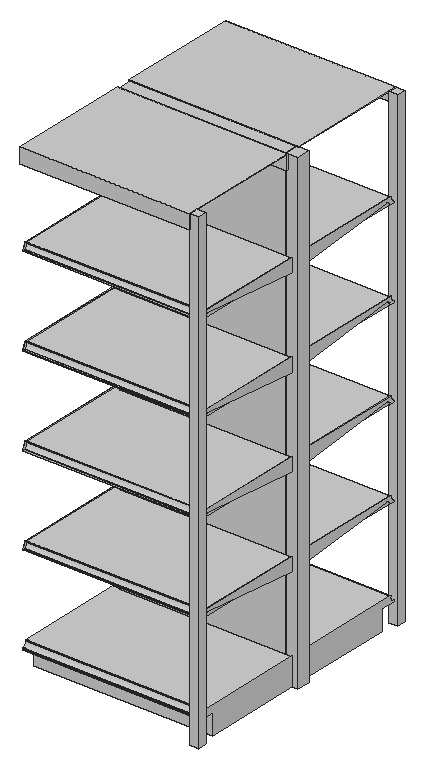
Revit family "HM2", category Specialty Equipment, Revit 2012
Parameters (values of type "Hyper Maxi Add-On (Default)")
  Width = 3' - 0"
  URL = "http://madixinc.com/display/maxiline.html"
  Model = "Hyper Maxi"
  Manufacturer = "© 2012 Madix, Inc. All rights reserved."
  "Front" Base Shelf [instance] = yes
  "Front" Shelf 2' [instance] = yes
  "Front" Shelf 3' - 6" [instance] = yes
  "Front" Shelf 5' [instance] = yes
  "Front" Shelf 6' - 6" [instance] = yes
  "Back" Base Shelf [instance] = yes
  "Back" Shelf 2' [instance] = yes
  "Back" Shelf 3' - 6" [instance] = yes
  "Front" Shelf Depth = 1' - 10"
  "Back" Shelf 5' [instance] = yes
  "Back" Shelf Depth = 1' - 10"
  Upright Height = 8' - 0"
  "Back" Shelf 6' - 6" [instance] = yes
Reference planes (in)
  plane 1 "Center (Front/Back)": y = 0
  plane 2: z = 0
  plane 3 "Center (Left/Right)": x = 0
  plane 4: y = 1.375
  plane 5: y = -1.375
  plane 6: z = 96
  plane 7: z = 0
  plane 8 "1st shelf": z = 23.5
  plane 9 "2nd shelf": z = 41.5
  plane 10 "3rd shelf": z = 59.5
  plane 11 "4th shelf": z = 77.5
  plane 12: y = -24.25
  plane 13: x = -18
  plane 14: x = 18
  plane 15: x = -17.875
  plane 16: x = 17.875
  plane 17: z = 41.5
  plane 18: y = 24.25
  plane 19: y = 23.375
  plane 20: y = -23.375
Forms (in)
  Extrusion 1, solid, material "Metal - Steel"
    sketch origin (-24, 1.375, 0) x (1, 0, 0) y (0, 0, 1)
      loop
        line (7.2815, 0) -> (42, 0) -> (43.25, 0) -> (43.25, 96) -> (40.75, 96) -> (40.75, 0.03125) -> (40.71924, 0.03125) -> (40.71924, 96) -> (7.2815, 96) -> (7.2815, 0)
    from 0 to 2.75
  Extrusion 2, solid, material "Metal - Steel", visible <- ""Front" Base Shelf"
    sketch origin (0, 0, 0) x (0, 1, 0) y (0, 0, 1)
      loop
        line (-1.375, 0) -> (-1.375, 5.5) -> (-23.375, 5.5) -> (-23.50139, 5.5) -> (-23.50139, 5.375) -> (-23.375, 5.375)
        arc (-23.375, 5.375) -> (-23.63696, 4.73714) -> (-24.125, 4.25) r 1.75
        line (-24.125, 4.25) -> (-24.125, 4.375) -> (-24.25, 4.375) -> (-24.25, 4.25) -> (-24.25, 4.125) -> (-21.375, 4.125) -> (-21.375, 0) -> (-1.375, 0)
    from -18 to 18
  Extrusion 3, solid, material "Metal - Steel", visible <- ""Front" Shelf 2'"
    sketch origin (0, 0, 0) x (0, 1, 0) y (0, 0, 1)
      loop
        line (-1.375, 23.5) -> (-23.5, 23.5) -> (-23.625, 23.5)
        arc (-23.625, 23.5) -> (-23.83033, 22.87796) -> (-24.25, 22.375) r 1.75
        line (-24.25, 22.375) -> (-24.25, 22.125) -> (-23.375, 22.125) -> (-23.375, 22.375) -> (-22.625, 23) -> (-22.375, 23) -> (-22.375, 22.875) -> (-1.375, 20.75) -> (-1.375, 23.5)
      loop
        circle (-20.375, 23) r 0.125
      loop
        circle (-2.5, 23) r 0.125
    from -18 to -17.875
  Extrusion 4, solid, material "Metal - Steel", visible <- ""Front" Shelf 2'"
    sketch origin (0, 0, 0) x (0, 1, 0) y (0, 0, 1)
      loop
        line (-23.5, 23.5) -> (-23.5, 23.375) -> (-23.375, 23.375)
        arc (-23.375, 23.375) -> (-23.58033, 22.75296) -> (-24, 22.25) r 1.75
        line (-24, 22.25) -> (-24, 22.375) -> (-24.125, 22.375) -> (-24.125, 22.125) -> (-23.375, 22.125) -> (-1.375, 22.125) -> (-1.375, 23.5) -> (-23.5, 23.5)
    from -17.875 to 17.875
  Extrusion 5, solid, material "Metal - Steel", visible <- ""Front" Shelf 2'"
    sketch origin (0, 0, 0) x (0, 1, 0) y (0, 0, -1)
      loop
        line (-1.375, -23.5) -> (-1.375, -20.75) -> (-22.375, -22.875) -> (-22.375, -23) -> (-22.625, -23) -> (-23.375, -22.375) -> (-23.375, -22.125) -> (-24.25, -22.125) -> (-24.25, -22.375)
        arc (-24.25, -22.375) -> (-23.83033, -22.87796) -> (-23.625, -23.5) r 1.75
        line (-23.625, -23.5) -> (-23.5, -23.5) -> (-1.375, -23.5)
      loop
        circle (-20.375, -23) r 0.125
      loop
        circle (-2.5, -23) r 0.125
    from -18 to -17.875
  Extrusion 6, solid, material "Metal - Steel", visible <- ""Front" Shelf 3' - 6""
    sketch origin (0, 0, 18) x (0, 1, 0) y (0, 0, 1)
      loop
        line (-1.375, 23.5) -> (-23.5, 23.5) -> (-23.625, 23.5)
        arc (-23.625, 23.5) -> (-23.83033, 22.87796) -> (-24.25, 22.375) r 1.75
        line (-24.25, 22.375) -> (-24.25, 22.125) -> (-23.375, 22.125) -> (-23.375, 22.375) -> (-22.625, 23) -> (-22.375, 23) -> (-22.375, 22.875) -> (-1.375, 20.75) -> (-1.375, 23.5)
      loop
        circle (-20.375, 23) r 0.125
      loop
        circle (-2.5, 23) r 0.125
    from -18 to -17.875
  Extrusion 7, solid, material "Metal - Steel", visible <- ""Front" Shelf 3' - 6""
    sketch origin (0, 0, 18) x (0, 1, 0) y (0, 0, 1)
      loop
        line (-23.5, 23.5) -> (-23.5, 23.375) -> (-23.375, 23.375)
        arc (-23.375, 23.375) -> (-23.58033, 22.75296) -> (-24, 22.25) r 1.75
        line (-24, 22.25) -> (-24, 22.375) -> (-24.25, 22.375) -> (-24.25, 22.125) -> (-23.375, 22.125) -> (-1.375, 22.125) -> (-1.375, 23.5) -> (-23.5, 23.5)
    from -17.875 to 17.875
  Extrusion 8, solid, material "Metal - Steel", visible <- ""Front" Shelf 3' - 6""
    sketch origin (0, 0, 18) x (0, 1, 0) y (0, 0, -1)
      loop
        line (-1.375, -23.5) -> (-1.375, -20.75) -> (-22.375, -22.875) -> (-22.375, -23) -> (-22.625, -23) -> (-23.375, -22.375) -> (-23.375, -22.125) -> (-24.25, -22.125) -> (-24.25, -22.375)
        arc (-24.25, -22.375) -> (-23.83033, -22.87796) -> (-23.625, -23.5) r 1.75
        line (-23.625, -23.5) -> (-23.5, -23.5) -> (-1.375, -23.5)
      loop
        circle (-20.375, -23) r 0.125
      loop
        circle (-2.5, -23) r 0.125
    from -18 to -17.875
  Extrusion 9, solid, material "Metal - Steel", visible <- ""Front" Shelf 5'"
    sketch origin (0, 0, 36) x (0, 1, 0) y (0, 0, 1)
      loop
        line (-1.375, 23.5) -> (-23.5, 23.5) -> (-23.625, 23.5)
        arc (-23.625, 23.5) -> (-23.83033, 22.87796) -> (-24.25, 22.375) r 1.75
        line (-24.25, 22.375) -> (-24.25, 22.125) -> (-23.375, 22.125) -> (-23.375, 22.375) -> (-22.625, 23) -> (-22.375, 23) -> (-22.375, 22.875) -> (-1.375, 20.75) -> (-1.375, 23.5)
      loop
        circle (-20.375, 23) r 0.125
      loop
        circle (-2.5, 23) r 0.125
    from -18 to -17.875
  Extrusion 10, solid, material "Metal - Steel", visible <- ""Front" Shelf 5'"
    sketch origin (0, 0, 36) x (0, 1, 0) y (0, 0, 1)
      loop
        line (-23.5, 23.5) -> (-23.5, 23.375) -> (-23.375, 23.375)
        arc (-23.375, 23.375) -> (-23.58033, 22.75296) -> (-24, 22.25) r 1.75
        line (-24, 22.25) -> (-24, 22.375) -> (-24.25, 22.375) -> (-24.25, 22.125) -> (-23.375, 22.125) -> (-1.375, 22.125) -> (-1.375, 23.5) -> (-23.5, 23.5)
    from -17.875 to 17.875
  Extrusion 11, solid, material "Metal - Steel", visible <- ""Front" Shelf 5'"
    sketch origin (0, 0, 36) x (0, 1, 0) y (0, 0, -1)
      loop
        line (-1.375, -23.5) -> (-1.375, -20.75) -> (-22.375, -22.875) -> (-22.375, -23) -> (-22.625, -23) -> (-23.375, -22.375) -> (-23.375, -22.125) -> (-24.25, -22.125) -> (-24.25, -22.375)
        arc (-24.25, -22.375) -> (-23.83033, -22.87796) -> (-23.625, -23.5) r 1.75
        line (-23.625, -23.5) -> (-23.5, -23.5) -> (-1.375, -23.5)
      loop
        circle (-20.375, -23) r 0.125
      loop
        circle (-2.5, -23) r 0.125
    from -18 to -17.875
  Extrusion 12, solid, material "Metal - Steel", visible <- ""Front" Shelf 6' - 6""
    sketch origin (0, 0, 54) x (0, 1, 0) y (0, 0, 1)
      loop
        line (-1.375, 23.5) -> (-23.5, 23.5) -> (-23.625, 23.5)
        arc (-23.625, 23.5) -> (-23.83033, 22.87796) -> (-24.25, 22.375) r 1.75
        line (-24.25, 22.375) -> (-24.25, 22.125) -> (-23.375, 22.125) -> (-23.375, 22.375) -> (-22.625, 23) -> (-22.375, 23) -> (-22.375, 22.875) -> (-1.375, 20.75) -> (-1.375, 23.5)
      loop
        circle (-20.375, 23) r 0.125
      loop
        circle (-2.5, 23) r 0.125
    from -18 to -17.875
  Extrusion 13, solid, material "Metal - Steel", visible <- ""Front" Shelf 6' - 6""
    sketch origin (0, 0, 54) x (0, 1, 0) y (0, 0, 1)
      loop
        line (-23.5, 23.5) -> (-23.5, 23.375) -> (-23.375, 23.375)
        arc (-23.375, 23.375) -> (-23.58033, 22.75296) -> (-24, 22.25) r 1.75
        line (-24, 22.25) -> (-24, 22.375) -> (-24.25, 22.375) -> (-24.25, 22.125) -> (-23.375, 22.125) -> (-1.375, 22.125) -> (-1.375, 23.5) -> (-23.5, 23.5)
    from -17.875 to 17.875
  Extrusion 14, solid, material "Metal - Steel", visible <- ""Front" Shelf 6' - 6""
    sketch origin (0, 0, 54) x (0, 1, 0) y (0, 0, -1)
      loop
        line (-1.375, -23.5) -> (-1.375, -20.75) -> (-22.375, -22.875) -> (-22.375, -23) -> (-22.625, -23) -> (-23.375, -22.375) -> (-23.375, -22.125) -> (-24.25, -22.125) -> (-24.25, -22.375)
        arc (-24.25, -22.375) -> (-23.83033, -22.87796) -> (-23.625, -23.5) r 1.75
        line (-23.625, -23.5) -> (-23.5, -23.5) -> (-1.375, -23.5)
      loop
        circle (-20.375, -23) r 0.125
      loop
        circle (-2.5, -23) r 0.125
    from -18 to -17.875
  Extrusion 15, solid, material "Metal - Steel", visible <- ""Back" Base Shelf"
    sketch origin (0, 0, 0) x (0, -1, 0) y (0, 0, -1)
      loop
        line (-1.375, 0) -> (-21.375, 0) -> (-21.375, -4.125) -> (-24.25, -4.125) -> (-24.25, -4.25) -> (-24.25, -4.375) -> (-24.125, -4.375) -> (-24.125, -4.25)
        arc (-24.125, -4.25) -> (-23.63696, -4.73714) -> (-23.375, -5.375) r 1.75
        line (-23.375, -5.375) -> (-23.50139, -5.375) -> (-23.50139, -5.5) -> (-23.375, -5.5) -> (-1.375, -5.5) -> (-1.375, 0)
    from -18 to 18
  Extrusion 16, solid, material "Metal - Steel", visible <- ""Back" Shelf 2'"
    sketch origin (0, 0, 0) x (0, -1, 0) y (0, 0, -1)
      loop
        line (-1.375, -23.5) -> (-1.375, -20.75) -> (-22.375, -22.875) -> (-22.375, -23) -> (-22.625, -23) -> (-23.375, -22.375) -> (-23.375, -22.125) -> (-24.25, -22.125) -> (-24.25, -22.375)
        arc (-24.25, -22.375) -> (-23.83033, -22.87796) -> (-23.625, -23.5) r 1.75
        line (-23.625, -23.5) -> (-23.5, -23.5) -> (-1.375, -23.5)
      loop
        circle (-20.375, -23) r 0.125
      loop
        circle (-2.5, -23) r 0.125
    from -18 to -17.875
  Extrusion 17, solid, material "Metal - Steel", visible <- ""Back" Shelf 2'"
    sketch origin (0, 0, 0) x (0, -1, 0) y (0, 0, -1)
      loop
        line (-23.5, -23.5) -> (-1.375, -23.5) -> (-1.375, -22.125) -> (-23.375, -22.125) -> (-24.125, -22.125) -> (-24.125, -22.375) -> (-24, -22.375) -> (-24, -22.25)
        arc (-24, -22.25) -> (-23.58033, -22.75296) -> (-23.375, -23.375) r 1.75
        line (-23.375, -23.375) -> (-23.5, -23.375) -> (-23.5, -23.5)
    from -17.875 to 17.875
  Extrusion 18, solid, material "Metal - Steel", visible <- ""Back" Shelf 2'"
    sketch origin (0, 0, 0) x (0, -1, 0) y (0, 0, 1)
      loop
        line (-1.375, 23.5) -> (-23.5, 23.5) -> (-23.625, 23.5)
        arc (-23.625, 23.5) -> (-23.83033, 22.87796) -> (-24.25, 22.375) r 1.75
        line (-24.25, 22.375) -> (-24.25, 22.125) -> (-23.375, 22.125) -> (-23.375, 22.375) -> (-22.625, 23) -> (-22.375, 23) -> (-22.375, 22.875) -> (-1.375, 20.75) -> (-1.375, 23.5)
      loop
        circle (-20.375, 23) r 0.125
      loop
        circle (-2.5, 23) r 0.125
    from -18 to -17.875
  Extrusion 19, solid, material "Metal - Steel", visible <- ""Back" Shelf 3' - 6""
    sketch origin (0, 0, 18) x (0, -1, 0) y (0, 0, -1)
      loop
        line (-1.375, -23.5) -> (-1.375, -20.75) -> (-22.375, -22.875) -> (-22.375, -23) -> (-22.625, -23) -> (-23.375, -22.375) -> (-23.375, -22.125) -> (-24.25, -22.125) -> (-24.25, -22.375)
        arc (-24.25, -22.375) -> (-23.83033, -22.87796) -> (-23.625, -23.5) r 1.75
        line (-23.625, -23.5) -> (-23.5, -23.5) -> (-1.375, -23.5)
      loop
        circle (-20.375, -23) r 0.125
      loop
        circle (-2.5, -23) r 0.125
    from -18 to -17.875
  Extrusion 20, solid, material "Metal - Steel", visible <- ""Back" Shelf 3' - 6""
    sketch origin (0, 0, 18) x (0, -1, 0) y (0, 0, -1)
      loop
        line (-23.5, -23.5) -> (-1.375, -23.5) -> (-1.375, -22.125) -> (-23.375, -22.125) -> (-24.25, -22.125) -> (-24.25, -22.375) -> (-24, -22.375) -> (-24, -22.25)
        arc (-24, -22.25) -> (-23.58033, -22.75296) -> (-23.375, -23.375) r 1.75
        line (-23.375, -23.375) -> (-23.5, -23.375) -> (-23.5, -23.5)
    from -17.875 to 17.875
  Extrusion 21, solid, material "Metal - Steel", visible <- ""Back" Shelf 3' - 6""
    sketch origin (0, 0, 18) x (0, -1, 0) y (0, 0, 1)
      loop
        line (-1.375, 23.5) -> (-23.5, 23.5) -> (-23.625, 23.5)
        arc (-23.625, 23.5) -> (-23.83033, 22.87796) -> (-24.25, 22.375) r 1.75
        line (-24.25, 22.375) -> (-24.25, 22.125) -> (-23.375, 22.125) -> (-23.375, 22.375) -> (-22.625, 23) -> (-22.375, 23) -> (-22.375, 22.875) -> (-1.375, 20.75) -> (-1.375, 23.5)
      loop
        circle (-20.375, 23) r 0.125
      loop
        circle (-2.5, 23) r 0.125
    from -18 to -17.875
  Extrusion 22, solid, material "Metal - Steel", visible <- ""Back" Shelf 5'"
    sketch origin (0, 0, 36) x (0, -1, 0) y (0, 0, -1)
      loop
        line (-1.375, -23.5) -> (-1.375, -20.75) -> (-22.375, -22.875) -> (-22.375, -23) -> (-22.625, -23) -> (-23.375, -22.375) -> (-23.375, -22.125) -> (-24.25, -22.125) -> (-24.25, -22.375)
        arc (-24.25, -22.375) -> (-23.83033, -22.87796) -> (-23.625, -23.5) r 1.75
        line (-23.625, -23.5) -> (-23.5, -23.5) -> (-1.375, -23.5)
      loop
        circle (-20.375, -23) r 0.125
      loop
        circle (-2.5, -23) r 0.125
    from -18 to -17.875
  Extrusion 23, solid, material "Metal - Steel", visible <- ""Back" Shelf 5'"
    sketch origin (0, 0, 36) x (0, -1, 0) y (0, 0, -1)
      loop
        line (-23.5, -23.5) -> (-1.375, -23.5) -> (-1.375, -22.125) -> (-23.375, -22.125) -> (-24.25, -22.125) -> (-24.25, -22.375) -> (-24, -22.375) -> (-24, -22.25)
        arc (-24, -22.25) -> (-23.58033, -22.75296) -> (-23.375, -23.375) r 1.75
        line (-23.375, -23.375) -> (-23.5, -23.375) -> (-23.5, -23.5)
    from -17.875 to 17.875
  Extrusion 24, solid, material "Metal - Steel", visible <- ""Back" Shelf 5'"
    sketch origin (0, 0, 36) x (0, -1, 0) y (0, 0, 1)
      loop
        line (-1.375, 23.5) -> (-23.5, 23.5) -> (-23.625, 23.5)
        arc (-23.625, 23.5) -> (-23.83033, 22.87796) -> (-24.25, 22.375) r 1.75
        line (-24.25, 22.375) -> (-24.25, 22.125) -> (-23.375, 22.125) -> (-23.375, 22.375) -> (-22.625, 23) -> (-22.375, 23) -> (-22.375, 22.875) -> (-1.375, 20.75) -> (-1.375, 23.5)
      loop
        circle (-20.375, 23) r 0.125
      loop
        circle (-2.5, 23) r 0.125
    from -18 to -17.875
  Extrusion 25, solid, material "Metal - Steel", visible <- ""Back" Shelf 6' - 6""
    sketch origin (0, 0, 54) x (0, -1, 0) y (0, 0, -1)
      loop
        line (-1.375, -23.5) -> (-1.375, -20.75) -> (-22.375, -22.875) -> (-22.375, -23) -> (-22.625, -23) -> (-23.375, -22.375) -> (-23.375, -22.125) -> (-24.25, -22.125) -> (-24.25, -22.375)
        arc (-24.25, -22.375) -> (-23.83033, -22.87796) -> (-23.625, -23.5) r 1.75
        line (-23.625, -23.5) -> (-23.5, -23.5) -> (-1.375, -23.5)
      loop
        circle (-20.375, -23) r 0.125
      loop
        circle (-2.5, -23) r 0.125
    from -18 to -17.875
  Extrusion 26, solid, material "Metal - Steel", visible <- ""Back" Shelf 6' - 6""
    sketch origin (0, 0, 54) x (0, -1, 0) y (0, 0, -1)
      loop
        line (-23.5, -23.5) -> (-1.375, -23.5) -> (-1.375, -22.125) -> (-23.375, -22.125) -> (-24.25, -22.125) -> (-24.25, -22.375) -> (-24, -22.375) -> (-24, -22.25)
        arc (-24, -22.25) -> (-23.58033, -22.75296) -> (-23.375, -23.375) r 1.75
        line (-23.375, -23.375) -> (-23.5, -23.375) -> (-23.5, -23.5)
    from -17.875 to 17.875
  Extrusion 27, solid, material "Metal - Steel", visible <- ""Back" Shelf 6' - 6""
    sketch origin (0, 0, 54) x (0, -1, 0) y (0, 0, 1)
      loop
        line (-1.375, 23.5) -> (-23.5, 23.5) -> (-23.625, 23.5)
        arc (-23.625, 23.5) -> (-23.83033, 22.87796) -> (-24.25, 22.375) r 1.75
        line (-24.25, 22.375) -> (-24.25, 22.125) -> (-23.375, 22.125) -> (-23.375, 22.375) -> (-22.625, 23) -> (-22.375, 23) -> (-22.375, 22.875) -> (-1.375, 20.75) -> (-1.375, 23.5)
      loop
        circle (-20.375, 23) r 0.125
      loop
        circle (-2.5, 23) r 0.125
    from -18 to -17.875
  Extrusion 28, solid, material "Metal - Steel"
    sketch origin (0, 0, 0) x (0, 1, 0) y (0, 0, -1)
      loop
        line (-24.25, 0) -> (-26, 0) -> (-26, -96) -> (-24.25, -96) -> (-24.25, 0)
    from -18.875 to -17.125
  Extrusion 29, solid, material "Metal - Steel"
    sketch origin (0, 0, 0) x (0, -1, 0) y (0, 0, 1)
      loop
        line (-24.25, 0) -> (-24.25, 96) -> (-26, 96) -> (-26, 0) -> (-24.25, 0)
    from -18.875 to -17.125
  Extrusion 30, solid, material "Metal - Steel"
    sketch origin (0, 0, 0) x (0, 1, 0) y (0, 0, 1)
      loop
        line (-1.375, 96) -> (-26, 96) -> (-26, 93) -> (-25.875, 93) -> (-25.875, 95.875) -> (-1.5, 95.875) -> (-1.5, 93) -> (-1.375, 93) -> (-1.375, 96)
    from -17.125 to 17.125
  Extrusion 31, solid, material "Metal - Steel"
    sketch origin (0, 27.375, 0) x (0, 1, 0) y (0, 0, 1)
      loop
        line (-1.375, 96) -> (-26, 96) -> (-26, 93) -> (-25.875, 93) -> (-25.875, 95.875) -> (-1.5, 95.875) -> (-1.5, 93) -> (-1.375, 93) -> (-1.375, 96)
    from -17.125 to 17.125
Lines and regions (in)
  Split face 1
    outline origin (-24, -1.375, 0) x (1, 0, 0) y (0, 0, 1)
      loop
        line (7.2815, 96) -> (7.2815, 0.03125) -> (40.71924, 0.03125) -> (40.71924, 96)
  Split face 2
    outline origin (-24, 1.375, 0) x (1, 0, 0) y (0, 0, 1)
      loop
        line (40.71924, 96) -> (40.71924, 0.03125) -> (7.2815, 0.03125) -> (7.2815, 96)
  model lines
    curve 1: line (-18, 0, 0) -> (18, 0, 0)
  reference lines
    curve 2: line (-16.75, 0, 23.5) -> (16.71875, 0, 23.5)
    curve 3: line (-16.75, 0, 59.5) -> (16.71875, 0, 59.5)
    curve 4: line (16.71875, 0, 77.5) -> (-16.71875, 0, 77.5)
Dimensions and locks (in)
  "Upright Height": plane 6 to level
  ""Front" Shelf Depth": plane 20 to plane 5
  equal spacing: plane 13, plane 3 "Center (Left/Right)", plane 14
  "Width": plane 13 to plane 14
  locked: plane 13 to plane 15 at 0.125
  locked: plane 16 to plane 14 at 0.125
  ""Back" Shelf Depth": plane 4 to plane 19
  locked: plane 19 to plane 18 at 0.875
  locked: plane 20 to plane 12 at 0.875
  aligned and locked: level to plane 2
  aligned and locked: plane 12 to Extrusion 2
  aligned and locked: Extrusion 2 to plane 5
  aligned and locked: plane 13 to Extrusion 2
  aligned and locked: plane 14 to Extrusion 2
  aligned and locked: Extrusion 4 to Extrusion 5
  aligned and locked: Extrusion 3 to Extrusion 2
  aligned and locked: Extrusion 3 to plane 15
  aligned and locked: Extrusion 4 to Extrusion 3
  aligned and locked: Extrusion 5 to Extrusion 2
  aligned and locked: plane 16 to Extrusion 5
  aligned and locked: Extrusion 7 to Extrusion 8
  aligned and locked: Extrusion 7 to Extrusion 6
  aligned and locked: Extrusion 6 to Extrusion 3
  aligned and locked: Extrusion 8 to Extrusion 4
  aligned and locked: Extrusion 8 to Extrusion 2
  aligned and locked: Extrusion 2 to Extrusion 7
  aligned and locked: Extrusion 6 to plane 15
  aligned and locked: Extrusion 6 to Extrusion 2
  aligned and locked: Extrusion 10 to Extrusion 11
  aligned and locked: Extrusion 10 to Extrusion 9
  aligned and locked: Extrusion 9 to Extrusion 3
  aligned and locked: Extrusion 2 to Extrusion 10
  aligned and locked: Extrusion 11 to Extrusion 2
  aligned and locked: Extrusion 11 to Extrusion 4
  aligned and locked: Extrusion 9 to Extrusion 2
  aligned and locked: Extrusion 13 to Extrusion 14
  aligned and locked: Extrusion 13 to Extrusion 12
  aligned and locked: Extrusion 12 to Extrusion 2
  aligned and locked: Extrusion 12 to Extrusion 3
  aligned and locked: Extrusion 2 to Extrusion 13
  aligned and locked: Extrusion 14 to Extrusion 2
  aligned and locked: Extrusion 14 to Extrusion 4
  aligned and locked: curve 1 to Extrusion 15
  aligned and locked: Extrusion 15 to Extrusion 2
  aligned and locked: Extrusion 2 to Extrusion 15
  aligned and locked: plane 13 to Extrusion 15
  aligned and locked: Extrusion 18 to Extrusion 17
  aligned and locked: Extrusion 16 to Extrusion 17
  aligned and locked: Extrusion 15 to plane 18
  aligned and locked: Extrusion 16 to curve 1
  aligned and locked: plane 15 to Extrusion 16
  aligned and locked: curve 1 to Extrusion 18
  aligned and locked: Extrusion 18 to Extrusion 4
  aligned and locked: Extrusion 16 to Extrusion 2
  aligned and locked: Extrusion 21 to Extrusion 20
  aligned and locked: Extrusion 19 to Extrusion 20
  aligned and locked: Extrusion 15 to Extrusion 20
  aligned and locked: plane 15 to Extrusion 19
  aligned and locked: plane 13 to Extrusion 19
  aligned and locked: Extrusion 21 to plane 14
  aligned and locked: Extrusion 21 to plane 16
  aligned and locked: Extrusion 24 to Extrusion 23
  aligned and locked: Extrusion 22 to Extrusion 23
  aligned and locked: Extrusion 15 to Extrusion 23
  aligned and locked: Extrusion 24 to plane 16
  aligned and locked: Extrusion 24 to plane 14
  aligned and locked: plane 15 to Extrusion 22
  aligned and locked: plane 13 to Extrusion 22
  aligned and locked: Extrusion 27 to Extrusion 26
  aligned and locked: Extrusion 25 to Extrusion 26
  aligned and locked: Extrusion 15 to Extrusion 26
  aligned and locked: plane 13 to Extrusion 25
  aligned and locked: plane 15 to Extrusion 25
  aligned and locked: Extrusion 27 to plane 14
  aligned and locked: Extrusion 27 to plane 16
  aligned and locked: Extrusion 1 to plane 6  (x2)
  aligned and locked: Extrusion 30 to Extrusion 28
  aligned and locked: plane 19 to Extrusion 15
  aligned and locked: plane 20 to Extrusion 2
Automatic sketch dimensions
  plane 1 "Center (Front/Back)" to curve 1 = 0' - 0"
  curve 3 to plane 10 "3rd shelf" = 0' - 0"
  curve 2 to plane 8 "1st shelf" = 0' - 0"
  curve 4 to plane 11 "4th shelf" = 0' - 0"
  plane 15 to curve 3 = 0' - 1 1/8"
  plane 15 to curve 2 = 0' - 1 1/8"
  plane 15 to curve 4 = 0' - 1 5/32"
  plane 16 to curve 4 = 0' - 1 5/32"
  plane 16 to curve 3 = 0' - 1 5/32"
  plane 16 to curve 2 = 0' - 1 5/32"
  Extrusion 2 sketch curve to plane 12 = 0' - 0"
  Extrusion 2 sketch curve to level = 0' - 0"
  Extrusion 2 sketch curve to plane 5 = 0' - 0"
  Extrusion 2 sketch curve to plane 12 = 0' - 0.84305"
  plane 12 to Extrusion 2 sketch curve = 0' - 0 1/8"
  plane 12 to Extrusion 2 sketch curve = 0' - 0.74861"
  Extrusion 2 sketch curve to Extrusion 2 sketch curve = 0' - 0.12639"
  Extrusion 2 sketch curve to Extrusion 2 sketch curve = 0' - 0"
  plane 12 to Extrusion 2 sketch curve = 0' - 2 7/8"
  level to Extrusion 2 sketch curve = 0' - 4 1/8"
  Extrusion 2 sketch curve to Extrusion 2 sketch curve = 0' - 0 1/8"  (x4)
  Extrusion 2 sketch curve to Extrusion 2 sketch curve = 0' - 1"
  Extrusion 3 sketch curve to plane 12 = 0' - 0"
  Extrusion 3 sketch curve to plane 8 "1st shelf" = 0' - 0"
  Extrusion 3 sketch curve to plane 5 = 0' - 0"
  plane 8 "1st shelf" to Extrusion 3 sketch curve = 0' - 0.22784"
  Extrusion 3 sketch curve to plane 12 = 0' - 1.11011"
  plane 12 to Extrusion 3 sketch curve = 0' - 0 5/8"
  Extrusion 3 sketch curve to Extrusion 3 sketch curve = 0' - 0 1/8"  (x2)
  plane 12 to Extrusion 3 sketch curve = 0' - 0 7/8"
  Extrusion 3 sketch curve to Extrusion 3 sketch curve = 0' - 0 3/4"
  Extrusion 3 sketch curve to Extrusion 3 sketch curve = 0' - 0 1/4"  (x2)
  Extrusion 3 sketch curve to plane 8 "1st shelf" = 0' - 0 1/2"  (x2)
  Extrusion 3 sketch curve to Extrusion 3 sketch curve = 0' - 2"
  plane 5 to Extrusion 3 sketch curve = 0' - 1 1/8"
  Extrusion 3 sketch curve to Extrusion 3 sketch curve = 0' - 0"
  Extrusion 3 sketch curve to Extrusion 3 sketch curve = 0' - 2 1/4"
  Extrusion 3 sketch curve to plane 8 "1st shelf" = 0' - 0 5/8"
  Extrusion 4 sketch curve to plane 8 "1st shelf" = 0' - 0"
  Extrusion 4 sketch curve to plane 5 = 0' - 0"
  plane 12 to Extrusion 4 sketch curve = 0' - 0 7/8"  (x2)
  Extrusion 4 sketch curve to plane 8 "1st shelf" = 0' - 0 1/8"
  Extrusion 4 sketch curve to Extrusion 4 sketch curve = 0' - 0 1/8"  (x3)
  plane 12 to Extrusion 4 sketch curve = 0' - 0 1/4"
  plane 12 to Extrusion 4 sketch curve = 0' - 0 1/8"
  plane 8 "1st shelf" to Extrusion 4 sketch curve = 0' - 0.10284"
  Extrusion 4 sketch curve to plane 12 = 0' - 0.86011"
  Extrusion 5 sketch curve to plane 12 = 0' - 0"
  Extrusion 5 sketch curve to plane 8 "1st shelf" = 0' - 0"
  Extrusion 5 sketch curve to plane 5 = 0' - 0"
  plane 8 "1st shelf" to Extrusion 5 sketch curve = 0' - 0.22784"
  Extrusion 5 sketch curve to plane 12 = 0' - 1.11011"
  plane 12 to Extrusion 5 sketch curve = 0' - 0 5/8"
  Extrusion 5 sketch curve to Extrusion 5 sketch curve = 0' - 0 1/8"  (x2)
  plane 12 to Extrusion 5 sketch curve = 0' - 0 7/8"
  Extrusion 5 sketch curve to Extrusion 5 sketch curve = 0' - 0 3/4"
  Extrusion 5 sketch curve to Extrusion 5 sketch curve = 0' - 0 1/4"  (x2)
  Extrusion 5 sketch curve to plane 8 "1st shelf" = 0' - 0 1/2"  (x3)
  Extrusion 5 sketch curve to Extrusion 5 sketch curve = 0' - 2"
  plane 5 to Extrusion 5 sketch curve = 0' - 1 1/8"
  Extrusion 5 sketch curve to Extrusion 5 sketch curve = 0' - 0"
  Extrusion 5 sketch curve to Extrusion 5 sketch curve = 0' - 2 1/4"
  Extrusion 6 sketch curve to plane 12 = 0' - 0"
  Extrusion 6 sketch curve to plane 9 "2nd shelf" = 0' - 0"
  Extrusion 6 sketch curve to plane 5 = 0' - 0"
  plane 9 "2nd shelf" to Extrusion 6 sketch curve = 0' - 0.22784"
  Extrusion 6 sketch curve to plane 12 = 0' - 1.11011"
  plane 12 to Extrusion 6 sketch curve = 0' - 0 5/8"
  Extrusion 6 sketch curve to Extrusion 6 sketch curve = 0' - 0 1/8"  (x2)
  plane 12 to Extrusion 6 sketch curve = 0' - 0 7/8"
  Extrusion 6 sketch curve to Extrusion 6 sketch curve = 0' - 0 3/4"
  Extrusion 6 sketch curve to Extrusion 6 sketch curve = 0' - 0 1/4"  (x2)
  Extrusion 6 sketch curve to plane 9 "2nd shelf" = 0' - 0 1/2"  (x2)
  Extrusion 6 sketch curve to Extrusion 6 sketch curve = 0' - 2"
  plane 5 to Extrusion 6 sketch curve = 0' - 1 1/8"
  Extrusion 6 sketch curve to Extrusion 6 sketch curve = 0' - 0"
  Extrusion 6 sketch curve to Extrusion 6 sketch curve = 0' - 2 1/4"
  Extrusion 6 sketch curve to plane 9 "2nd shelf" = 0' - 0 5/8"
  Extrusion 7 sketch curve to plane 12 = 0' - 0"
  Extrusion 7 sketch curve to plane 9 "2nd shelf" = 0' - 0"
  Extrusion 7 sketch curve to plane 5 = 0' - 0"
  plane 9 "2nd shelf" to Extrusion 7 sketch curve = 0' - 0.10284"
  Extrusion 7 sketch curve to plane 12 = 0' - 0.86011"
  plane 12 to Extrusion 7 sketch curve = 0' - 0 1/4"
  plane 12 to Extrusion 7 sketch curve = 0' - 0 3/4"
  Extrusion 7 sketch curve to Extrusion 7 sketch curve = 0' - 0 5/8"
  Extrusion 7 sketch curve to Extrusion 7 sketch curve = 0' - 0 1/8"  (x2)
  Extrusion 7 sketch curve to plane 9 "2nd shelf" = 0' - 0 1/8"
  Extrusion 7 sketch curve to Extrusion 7 sketch curve = 0' - 0 1/4"
  Extrusion 8 sketch curve to plane 12 = 0' - 0"
  Extrusion 8 sketch curve to plane 9 "2nd shelf" = 0' - 0"
  Extrusion 8 sketch curve to plane 5 = 0' - 0"
  plane 9 "2nd shelf" to Extrusion 8 sketch curve = 0' - 0.22784"
  Extrusion 8 sketch curve to plane 12 = 0' - 1.11011"
  plane 12 to Extrusion 8 sketch curve = 0' - 0 5/8"
  Extrusion 8 sketch curve to Extrusion 8 sketch curve = 0' - 0 1/8"  (x2)
  plane 12 to Extrusion 8 sketch curve = 0' - 0 7/8"
  Extrusion 8 sketch curve to Extrusion 8 sketch curve = 0' - 0 3/4"
  Extrusion 8 sketch curve to Extrusion 8 sketch curve = 0' - 0 1/4"  (x2)
  Extrusion 8 sketch curve to plane 9 "2nd shelf" = 0' - 0 1/2"  (x3)
  Extrusion 8 sketch curve to Extrusion 8 sketch curve = 0' - 2"
  plane 5 to Extrusion 8 sketch curve = 0' - 1 1/8"
  Extrusion 8 sketch curve to Extrusion 8 sketch curve = 0' - 0"
  Extrusion 8 sketch curve to Extrusion 8 sketch curve = 0' - 2 1/4"
  Extrusion 9 sketch curve to plane 12 = 0' - 0"
  Extrusion 9 sketch curve to plane 10 "3rd shelf" = 0' - 0"
  Extrusion 9 sketch curve to plane 5 = 0' - 0"
  plane 10 "3rd shelf" to Extrusion 9 sketch curve = 0' - 0.22784"
  Extrusion 9 sketch curve to plane 12 = 0' - 1.11011"
  plane 12 to Extrusion 9 sketch curve = 0' - 0 5/8"
  Extrusion 9 sketch curve to Extrusion 9 sketch curve = 0' - 0 1/8"  (x2)
  plane 12 to Extrusion 9 sketch curve = 0' - 0 7/8"
  Extrusion 9 sketch curve to Extrusion 9 sketch curve = 0' - 0 3/4"
  Extrusion 9 sketch curve to Extrusion 9 sketch curve = 0' - 0 1/4"  (x2)
  Extrusion 9 sketch curve to plane 10 "3rd shelf" = 0' - 0 1/2"  (x2)
  Extrusion 9 sketch curve to Extrusion 9 sketch curve = 0' - 2"
  plane 5 to Extrusion 9 sketch curve = 0' - 1 1/8"
  Extrusion 9 sketch curve to Extrusion 9 sketch curve = 0' - 0"
  Extrusion 9 sketch curve to Extrusion 9 sketch curve = 0' - 2 1/4"
  Extrusion 9 sketch curve to plane 10 "3rd shelf" = 0' - 0 5/8"
  Extrusion 10 sketch curve to plane 12 = 0' - 0"
  Extrusion 10 sketch curve to plane 10 "3rd shelf" = 0' - 0"
  Extrusion 10 sketch curve to plane 5 = 0' - 0"
  plane 10 "3rd shelf" to Extrusion 10 sketch curve = 0' - 0.10284"
  Extrusion 10 sketch curve to plane 12 = 0' - 0.86011"
  plane 12 to Extrusion 10 sketch curve = 0' - 0 1/4"
  plane 12 to Extrusion 10 sketch curve = 0' - 0 3/4"
  Extrusion 10 sketch curve to Extrusion 10 sketch curve = 0' - 0 5/8"
  Extrusion 10 sketch curve to Extrusion 10 sketch curve = 0' - 0 1/8"  (x2)
  Extrusion 10 sketch curve to plane 10 "3rd shelf" = 0' - 0 1/8"
  Extrusion 10 sketch curve to Extrusion 10 sketch curve = 0' - 0 1/4"
  Extrusion 11 sketch curve to plane 12 = 0' - 0"
  Extrusion 11 sketch curve to plane 10 "3rd shelf" = 0' - 0"
  Extrusion 11 sketch curve to plane 5 = 0' - 0"
  plane 10 "3rd shelf" to Extrusion 11 sketch curve = 0' - 0.22784"
  Extrusion 11 sketch curve to plane 12 = 0' - 1.11011"
  plane 12 to Extrusion 11 sketch curve = 0' - 0 5/8"
  Extrusion 11 sketch curve to Extrusion 11 sketch curve = 0' - 0 1/8"  (x2)
  plane 12 to Extrusion 11 sketch curve = 0' - 0 7/8"
  Extrusion 11 sketch curve to Extrusion 11 sketch curve = 0' - 0 3/4"
  Extrusion 11 sketch curve to Extrusion 11 sketch curve = 0' - 0 1/4"  (x2)
  Extrusion 11 sketch curve to plane 10 "3rd shelf" = 0' - 0 1/2"  (x3)
  Extrusion 11 sketch curve to Extrusion 11 sketch curve = 0' - 2"
  plane 5 to Extrusion 11 sketch curve = 0' - 1 1/8"
  Extrusion 11 sketch curve to Extrusion 11 sketch curve = 0' - 0"
  Extrusion 11 sketch curve to Extrusion 11 sketch curve = 0' - 2 1/4"
  Extrusion 12 sketch curve to plane 12 = 0' - 0"
  Extrusion 12 sketch curve to plane 11 "4th shelf" = 0' - 0"
  Extrusion 12 sketch curve to plane 5 = 0' - 0"
  plane 11 "4th shelf" to Extrusion 12 sketch curve = 0' - 0.22784"
  Extrusion 12 sketch curve to plane 12 = 0' - 1.11011"
  plane 12 to Extrusion 12 sketch curve = 0' - 0 5/8"
  Extrusion 12 sketch curve to Extrusion 12 sketch curve = 0' - 0 1/8"  (x2)
  plane 12 to Extrusion 12 sketch curve = 0' - 0 7/8"
  Extrusion 12 sketch curve to Extrusion 12 sketch curve = 0' - 0 3/4"
  Extrusion 12 sketch curve to Extrusion 12 sketch curve = 0' - 0 1/4"  (x2)
  Extrusion 12 sketch curve to plane 11 "4th shelf" = 0' - 0 1/2"  (x2)
  Extrusion 12 sketch curve to Extrusion 12 sketch curve = 0' - 2"
  plane 5 to Extrusion 12 sketch curve = 0' - 1 1/8"
  Extrusion 12 sketch curve to Extrusion 12 sketch curve = 0' - 0"
  Extrusion 12 sketch curve to Extrusion 12 sketch curve = 0' - 2 1/4"
  Extrusion 12 sketch curve to plane 11 "4th shelf" = 0' - 0 5/8"
  Extrusion 13 sketch curve to plane 12 = 0' - 0"
  Extrusion 13 sketch curve to plane 11 "4th shelf" = 0' - 0"
  Extrusion 13 sketch curve to plane 5 = 0' - 0"
  plane 11 "4th shelf" to Extrusion 13 sketch curve = 0' - 0.10284"
  Extrusion 13 sketch curve to plane 12 = 0' - 0.86011"
  plane 12 to Extrusion 13 sketch curve = 0' - 0 1/4"
  plane 12 to Extrusion 13 sketch curve = 0' - 0 3/4"
  Extrusion 13 sketch curve to Extrusion 13 sketch curve = 0' - 0 5/8"
  Extrusion 13 sketch curve to Extrusion 13 sketch curve = 0' - 0 1/8"  (x2)
  Extrusion 13 sketch curve to plane 11 "4th shelf" = 0' - 0 1/8"
  Extrusion 13 sketch curve to Extrusion 13 sketch curve = 0' - 0 1/4"
  Extrusion 14 sketch curve to plane 12 = 0' - 0"
  Extrusion 14 sketch curve to plane 11 "4th shelf" = 0' - 0"
  Extrusion 14 sketch curve to plane 5 = 0' - 0"
  plane 11 "4th shelf" to Extrusion 14 sketch curve = 0' - 0.22784"
  Extrusion 14 sketch curve to plane 12 = 0' - 1.11011"
  plane 12 to Extrusion 14 sketch curve = 0' - 0 5/8"
  Extrusion 14 sketch curve to Extrusion 14 sketch curve = 0' - 0 1/8"  (x2)
  plane 12 to Extrusion 14 sketch curve = 0' - 0 7/8"
  Extrusion 14 sketch curve to Extrusion 14 sketch curve = 0' - 0 3/4"
  Extrusion 14 sketch curve to Extrusion 14 sketch curve = 0' - 0 1/4"  (x2)
  Extrusion 14 sketch curve to plane 11 "4th shelf" = 0' - 0 1/2"  (x3)
  Extrusion 14 sketch curve to Extrusion 14 sketch curve = 0' - 2"
  plane 5 to Extrusion 14 sketch curve = 0' - 1 1/8"
  Extrusion 14 sketch curve to Extrusion 14 sketch curve = 0' - 0"
  Extrusion 14 sketch curve to Extrusion 14 sketch curve = 0' - 2 1/4"
  Split face 1 sketch curve to Extrusion 1 = 0' - 0"  (x4)
  Extrusion 1 to Split face 1 sketch curve = 0' - 0"
  Extrusion 15 sketch curve to plane 18 = 0' - 0"
  Extrusion 15 sketch curve to level = 0' - 0"
  Extrusion 15 sketch curve to plane 4 = 0' - 0"
  plane 18 to Extrusion 15 sketch curve = 0' - 0.84305"
  Extrusion 15 sketch curve to plane 18 = 0' - 0 1/8"
  Extrusion 15 sketch curve to plane 18 = 0' - 0.74861"
  Extrusion 15 sketch curve to Extrusion 15 sketch curve = 0' - 0.12639"
  Extrusion 15 sketch curve to Extrusion 15 sketch curve = 0' - 0"  (x2)
  Extrusion 15 sketch curve to plane 18 = 0' - 2 7/8"
  Extrusion 15 sketch curve to level = 0' - 4 1/8"
  Extrusion 15 sketch curve to Extrusion 15 sketch curve = 0' - 0 1/8"  (x3)
  Extrusion 15 sketch curve to Extrusion 15 sketch curve = 0' - 1"
  Extrusion 16 sketch curve to plane 18 = 0' - 0"
  Extrusion 16 sketch curve to plane 8 "1st shelf" = 0' - 0"
  Extrusion 16 sketch curve to plane 4 = 0' - 0"
  Extrusion 16 sketch curve to plane 8 "1st shelf" = 0' - 0.22784"
  plane 18 to Extrusion 16 sketch curve = 0' - 1.11011"
  Extrusion 16 sketch curve to plane 18 = 0' - 0 5/8"
  Extrusion 16 sketch curve to Extrusion 16 sketch curve = 0' - 0 1/8"  (x2)
  Extrusion 16 sketch curve to Extrusion 16 sketch curve = 0' - 0 7/8"
  Extrusion 16 sketch curve to Extrusion 16 sketch curve = 0' - 0 3/4"
  Extrusion 16 sketch curve to Extrusion 16 sketch curve = 0' - 0 1/4"  (x2)
  plane 8 "1st shelf" to Extrusion 16 sketch curve = 0' - 0 1/2"  (x2)
  Extrusion 16 sketch curve to Extrusion 16 sketch curve = 0' - 2"
  Extrusion 16 sketch curve to plane 4 = 0' - 1 1/8"
  Extrusion 16 sketch curve to Extrusion 16 sketch curve = 0' - 0"
  Extrusion 16 sketch curve to Extrusion 16 sketch curve = 0' - 2 1/4"
  plane 8 "1st shelf" to Extrusion 16 sketch curve = 0' - 0 5/8"
  Extrusion 17 sketch curve to plane 8 "1st shelf" = 0' - 0"
  Extrusion 17 sketch curve to plane 4 = 0' - 0"
  Extrusion 17 sketch curve to plane 18 = 0' - 0 7/8"  (x2)
  plane 8 "1st shelf" to Extrusion 17 sketch curve = 0' - 0 1/8"
  Extrusion 17 sketch curve to Extrusion 17 sketch curve = 0' - 0 1/8"  (x3)
  Extrusion 17 sketch curve to plane 18 = 0' - 0 1/4"
  Extrusion 17 sketch curve to plane 18 = 0' - 0 1/8"
  Extrusion 17 sketch curve to plane 8 "1st shelf" = 0' - 0.10284"
  plane 18 to Extrusion 17 sketch curve = 0' - 0.86011"
  Extrusion 18 sketch curve to plane 18 = 0' - 0"
  Extrusion 18 sketch curve to plane 8 "1st shelf" = 0' - 0"
  Extrusion 18 sketch curve to plane 4 = 0' - 0"
  plane 8 "1st shelf" to Extrusion 18 sketch curve = 0' - 0.22784"
  Extrusion 18 sketch curve to plane 18 = 0' - 1.11011"
  plane 18 to Extrusion 18 sketch curve = 0' - 0 5/8"
  Extrusion 18 sketch curve to Extrusion 18 sketch curve = 0' - 0 1/8"  (x2)
  plane 18 to Extrusion 18 sketch curve = 0' - 0 7/8"
  Extrusion 18 sketch curve to Extrusion 18 sketch curve = 0' - 0 3/4"
  Extrusion 18 sketch curve to Extrusion 18 sketch curve = 0' - 0 1/4"  (x2)
  Extrusion 18 sketch curve to plane 8 "1st shelf" = 0' - 0 1/2"  (x2)
  Extrusion 18 sketch curve to Extrusion 18 sketch curve = 0' - 2"
  plane 4 to Extrusion 18 sketch curve = 0' - 1 1/8"
  Extrusion 18 sketch curve to Extrusion 18 sketch curve = 0' - 0"
  Extrusion 18 sketch curve to Extrusion 18 sketch curve = 0' - 2 1/4"
  Extrusion 18 sketch curve to plane 8 "1st shelf" = 0' - 0 5/8"
  Extrusion 19 sketch curve to plane 18 = 0' - 0"
  Extrusion 19 sketch curve to plane 9 "2nd shelf" = 0' - 0"
  Extrusion 19 sketch curve to plane 4 = 0' - 0"
  Extrusion 19 sketch curve to plane 9 "2nd shelf" = 0' - 0.22784"
  plane 18 to Extrusion 19 sketch curve = 0' - 1.11011"
  Extrusion 19 sketch curve to plane 18 = 0' - 0 5/8"
  Extrusion 19 sketch curve to Extrusion 19 sketch curve = 0' - 0 1/8"  (x2)
  Extrusion 19 sketch curve to Extrusion 19 sketch curve = 0' - 0 7/8"
  Extrusion 19 sketch curve to Extrusion 19 sketch curve = 0' - 0 3/4"
  Extrusion 19 sketch curve to Extrusion 19 sketch curve = 0' - 0 1/4"  (x2)
  plane 9 "2nd shelf" to Extrusion 19 sketch curve = 0' - 0 1/2"  (x2)
  Extrusion 19 sketch curve to Extrusion 19 sketch curve = 0' - 2"
  Extrusion 19 sketch curve to plane 4 = 0' - 1 1/8"
  Extrusion 19 sketch curve to Extrusion 19 sketch curve = 0' - 0"
  Extrusion 19 sketch curve to Extrusion 19 sketch curve = 0' - 2 1/4"
  plane 9 "2nd shelf" to Extrusion 19 sketch curve = 0' - 0 5/8"
  Extrusion 20 sketch curve to plane 18 = 0' - 0"
  Extrusion 20 sketch curve to plane 9 "2nd shelf" = 0' - 0"
  Extrusion 20 sketch curve to plane 4 = 0' - 0"
  Extrusion 20 sketch curve to plane 9 "2nd shelf" = 0' - 0.10284"
  plane 18 to Extrusion 20 sketch curve = 0' - 0.86011"
  Extrusion 20 sketch curve to plane 18 = 0' - 0 1/4"
  Extrusion 20 sketch curve to plane 18 = 0' - 0 3/4"
  Extrusion 20 sketch curve to Extrusion 20 sketch curve = 0' - 0 5/8"
  Extrusion 20 sketch curve to Extrusion 20 sketch curve = 0' - 0 1/8"  (x2)
  plane 9 "2nd shelf" to Extrusion 20 sketch curve = 0' - 0 1/8"
  Extrusion 20 sketch curve to Extrusion 20 sketch curve = 0' - 0 1/4"
  Extrusion 21 sketch curve to plane 18 = 0' - 0"
  Extrusion 21 sketch curve to plane 9 "2nd shelf" = 0' - 0"
  Extrusion 21 sketch curve to plane 4 = 0' - 0"
  plane 9 "2nd shelf" to Extrusion 21 sketch curve = 0' - 0.22784"
  Extrusion 21 sketch curve to plane 18 = 0' - 1.11011"
  plane 18 to Extrusion 21 sketch curve = 0' - 0 5/8"
  Extrusion 21 sketch curve to Extrusion 21 sketch curve = 0' - 0 1/8"  (x2)
  plane 18 to Extrusion 21 sketch curve = 0' - 0 7/8"
  Extrusion 21 sketch curve to Extrusion 21 sketch curve = 0' - 0 3/4"
  Extrusion 21 sketch curve to Extrusion 21 sketch curve = 0' - 0 1/4"  (x2)
  Extrusion 21 sketch curve to plane 9 "2nd shelf" = 0' - 0 1/2"  (x2)
  Extrusion 21 sketch curve to Extrusion 21 sketch curve = 0' - 2"
  plane 4 to Extrusion 21 sketch curve = 0' - 1 1/8"
  Extrusion 21 sketch curve to Extrusion 21 sketch curve = 0' - 0"
  Extrusion 21 sketch curve to Extrusion 21 sketch curve = 0' - 2 1/4"
  Extrusion 21 sketch curve to plane 9 "2nd shelf" = 0' - 0 5/8"
  Extrusion 22 sketch curve to plane 18 = 0' - 0"
  Extrusion 22 sketch curve to plane 10 "3rd shelf" = 0' - 0"
  Extrusion 22 sketch curve to plane 4 = 0' - 0"
  Extrusion 22 sketch curve to plane 10 "3rd shelf" = 0' - 0.22784"
  plane 18 to Extrusion 22 sketch curve = 0' - 1.11011"
  Extrusion 22 sketch curve to plane 18 = 0' - 0 5/8"
  Extrusion 22 sketch curve to Extrusion 22 sketch curve = 0' - 0 1/8"  (x2)
  Extrusion 22 sketch curve to Extrusion 22 sketch curve = 0' - 0 7/8"
  Extrusion 22 sketch curve to Extrusion 22 sketch curve = 0' - 0 3/4"
  Extrusion 22 sketch curve to Extrusion 22 sketch curve = 0' - 0 1/4"  (x2)
  plane 10 "3rd shelf" to Extrusion 22 sketch curve = 0' - 0 1/2"  (x2)
  Extrusion 22 sketch curve to Extrusion 22 sketch curve = 0' - 2"
  Extrusion 22 sketch curve to plane 4 = 0' - 1 1/8"
  Extrusion 22 sketch curve to Extrusion 22 sketch curve = 0' - 0"
  Extrusion 22 sketch curve to Extrusion 22 sketch curve = 0' - 2 1/4"
  plane 10 "3rd shelf" to Extrusion 22 sketch curve = 0' - 0 5/8"
  Extrusion 23 sketch curve to plane 18 = 0' - 0"
  Extrusion 23 sketch curve to plane 10 "3rd shelf" = 0' - 0"
  Extrusion 23 sketch curve to plane 4 = 0' - 0"
  Extrusion 23 sketch curve to plane 10 "3rd shelf" = 0' - 0.10284"
  plane 18 to Extrusion 23 sketch curve = 0' - 0.86011"
  Extrusion 23 sketch curve to plane 18 = 0' - 0 1/4"
  Extrusion 23 sketch curve to plane 18 = 0' - 0 3/4"
  Extrusion 23 sketch curve to Extrusion 23 sketch curve = 0' - 0 5/8"
  Extrusion 23 sketch curve to Extrusion 23 sketch curve = 0' - 0 1/8"  (x2)
  plane 10 "3rd shelf" to Extrusion 23 sketch curve = 0' - 0 1/8"
  Extrusion 23 sketch curve to Extrusion 23 sketch curve = 0' - 0 1/4"
  Extrusion 24 sketch curve to plane 18 = 0' - 0"
  Extrusion 24 sketch curve to plane 10 "3rd shelf" = 0' - 0"
  Extrusion 24 sketch curve to plane 4 = 0' - 0"
  plane 10 "3rd shelf" to Extrusion 24 sketch curve = 0' - 0.22784"
  Extrusion 24 sketch curve to plane 18 = 0' - 1.11011"
  plane 18 to Extrusion 24 sketch curve = 0' - 0 5/8"
  Extrusion 24 sketch curve to Extrusion 24 sketch curve = 0' - 0 1/8"  (x2)
  plane 18 to Extrusion 24 sketch curve = 0' - 0 7/8"
  Extrusion 24 sketch curve to Extrusion 24 sketch curve = 0' - 0 3/4"
  Extrusion 24 sketch curve to Extrusion 24 sketch curve = 0' - 0 1/4"  (x2)
  Extrusion 24 sketch curve to plane 10 "3rd shelf" = 0' - 0 1/2"  (x2)
  Extrusion 24 sketch curve to Extrusion 24 sketch curve = 0' - 2"
  plane 4 to Extrusion 24 sketch curve = 0' - 1 1/8"
  Extrusion 24 sketch curve to Extrusion 24 sketch curve = 0' - 0"
  Extrusion 24 sketch curve to Extrusion 24 sketch curve = 0' - 2 1/4"
  Extrusion 24 sketch curve to plane 10 "3rd shelf" = 0' - 0 5/8"
  Extrusion 25 sketch curve to plane 18 = 0' - 0"
  Extrusion 25 sketch curve to plane 11 "4th shelf" = 0' - 0"
  Extrusion 25 sketch curve to plane 4 = 0' - 0"
  Extrusion 25 sketch curve to plane 11 "4th shelf" = 0' - 0.22784"
  plane 18 to Extrusion 25 sketch curve = 0' - 1.11011"
  Extrusion 25 sketch curve to plane 18 = 0' - 0 5/8"
  Extrusion 25 sketch curve to Extrusion 25 sketch curve = 0' - 0 1/8"  (x2)
  Extrusion 25 sketch curve to Extrusion 25 sketch curve = 0' - 0 7/8"
  Extrusion 25 sketch curve to Extrusion 25 sketch curve = 0' - 0 3/4"
  Extrusion 25 sketch curve to Extrusion 25 sketch curve = 0' - 0 1/4"  (x2)
  plane 11 "4th shelf" to Extrusion 25 sketch curve = 0' - 0 1/2"  (x2)
  Extrusion 25 sketch curve to Extrusion 25 sketch curve = 0' - 2"
  Extrusion 25 sketch curve to plane 4 = 0' - 1 1/8"
  Extrusion 25 sketch curve to Extrusion 25 sketch curve = 0' - 0"
  Extrusion 25 sketch curve to Extrusion 25 sketch curve = 0' - 2 1/4"
  plane 11 "4th shelf" to Extrusion 25 sketch curve = 0' - 0 5/8"
  Extrusion 26 sketch curve to plane 18 = 0' - 0"
  Extrusion 26 sketch curve to plane 11 "4th shelf" = 0' - 0"
  Extrusion 26 sketch curve to plane 4 = 0' - 0"
  Extrusion 26 sketch curve to plane 11 "4th shelf" = 0' - 0.10284"
  plane 18 to Extrusion 26 sketch curve = 0' - 0.86011"
  Extrusion 26 sketch curve to plane 18 = 0' - 0 1/4"
  Extrusion 26 sketch curve to plane 18 = 0' - 0 3/4"
  Extrusion 26 sketch curve to Extrusion 26 sketch curve = 0' - 0 5/8"
  Extrusion 26 sketch curve to Extrusion 26 sketch curve = 0' - 0 1/8"  (x2)
  plane 11 "4th shelf" to Extrusion 26 sketch curve = 0' - 0 1/8"
  Extrusion 26 sketch curve to Extrusion 26 sketch curve = 0' - 0 1/4"
  Extrusion 27 sketch curve to plane 18 = 0' - 0"
  Extrusion 27 sketch curve to plane 11 "4th shelf" = 0' - 0"
  Extrusion 27 sketch curve to plane 4 = 0' - 0"
  plane 11 "4th shelf" to Extrusion 27 sketch curve = 0' - 0.22784"
  Extrusion 27 sketch curve to plane 18 = 0' - 1.11011"
  plane 18 to Extrusion 27 sketch curve = 0' - 0 5/8"
  Extrusion 27 sketch curve to Extrusion 27 sketch curve = 0' - 0 1/8"  (x2)
  plane 18 to Extrusion 27 sketch curve = 0' - 0 7/8"
  Extrusion 27 sketch curve to Extrusion 27 sketch curve = 0' - 0 3/4"
  Extrusion 27 sketch curve to Extrusion 27 sketch curve = 0' - 0 1/4"  (x2)
  Extrusion 27 sketch curve to plane 11 "4th shelf" = 0' - 0 1/2"  (x2)
  Extrusion 27 sketch curve to Extrusion 27 sketch curve = 0' - 2"
  plane 4 to Extrusion 27 sketch curve = 0' - 1 1/8"
  Extrusion 27 sketch curve to Extrusion 27 sketch curve = 0' - 0"
  Extrusion 27 sketch curve to Extrusion 27 sketch curve = 0' - 2 1/4"
  Extrusion 27 sketch curve to plane 11 "4th shelf" = 0' - 0 5/8"
  Extrusion 1 to Split face 2 sketch curve = 0' - 0"
  Split face 2 sketch curve to Extrusion 1 = 0' - 0"  (x4)
  Extrusion 28 sketch curve to level = 0' - 0"
  plane 6 to Extrusion 28 sketch curve = 0' - 0"
  Extrusion 28 sketch curve to plane 12 = 0' - 0"
  Extrusion 28 sketch curve to plane 12 = 0' - 1 3/4"
  Extrusion 29 sketch curve to level = 0' - 0"
  plane 6 to Extrusion 29 sketch curve = 0' - 0"
  Extrusion 29 sketch curve to plane 18 = 0' - 0"
  Extrusion 29 sketch curve to plane 18 = 0' - 1 3/4"
  plane 6 to Extrusion 30 sketch curve = 0' - 0"
  Extrusion 30 sketch curve to plane 5 = 0' - 0"
  plane 5 to Extrusion 30 sketch curve = 0' - 0 1/8"
  plane 6 to Extrusion 30 sketch curve = 0' - 0 1/8"
  Extrusion 30 sketch curve to plane 12 = 0' - 1 5/8"
  Extrusion 30 sketch curve to Extrusion 30 sketch curve = 0' - 0 1/8"
  Extrusion 30 sketch curve to Extrusion 30 sketch curve = 0' - 2 7/8"  (x2)
  plane 6 to Extrusion 31 sketch curve = 0' - 0"
  plane 4 to Extrusion 31 sketch curve = 0' - 0"
  Extrusion 31 sketch curve to Extrusion 31 sketch curve = 0' - 0 1/8"  (x2)
  plane 6 to Extrusion 31 sketch curve = 0' - 0 1/8"
  Extrusion 31 sketch curve to plane 18 = 0' - 1 5/8"
  Extrusion 31 sketch curve to Extrusion 31 sketch curve = 0' - 2 7/8"  (x2)
  Extrusion 1 sketch curve to level = 0' - 0"
  Extrusion 1 sketch curve to plane 6 = 0' - 0"  (x2)
  plane 14 to Extrusion 1 sketch curve = 0' - 0"
  level to Extrusion 1 sketch curve = 0' - 0 1/32"
  plane 16 to Extrusion 1 sketch curve = 0' - 1 1/8"
  Extrusion 1 sketch curve to Extrusion 1 sketch curve = 0' - 0.03076"
  Extrusion 1 sketch curve to plane 14 = 0' - 1 1/4"
  plane 15 to Extrusion 1 sketch curve = 0' - 1.1565"
  radius of Extrusion 3 sketch curve = 0' - 0 1/8"  (x2)
  radius of Extrusion 5 sketch curve = 0' - 0 1/8"  (x2)
  radius of Extrusion 6 sketch curve = 0' - 0 1/8"  (x2)
  radius of Extrusion 8 sketch curve = 0' - 0 1/8"  (x2)
  radius of Extrusion 9 sketch curve = 0' - 0 1/8"  (x2)
  radius of Extrusion 11 sketch curve = 0' - 0 1/8"  (x2)
  radius of Extrusion 12 sketch curve = 0' - 0 1/8"  (x2)
  radius of Extrusion 14 sketch curve = 0' - 0 1/8"  (x2)
  radius of Extrusion 16 sketch curve = 0' - 0 1/8"  (x2)
  radius of Extrusion 18 sketch curve = 0' - 0 1/8"  (x2)
  radius of Extrusion 19 sketch curve = 0' - 0 1/8"  (x2)
  radius of Extrusion 21 sketch curve = 0' - 0 1/8"  (x2)
  radius of Extrusion 22 sketch curve = 0' - 0 1/8"  (x2)
  radius of Extrusion 24 sketch curve = 0' - 0 1/8"  (x2)
  radius of Extrusion 25 sketch curve = 0' - 0 1/8"  (x2)
  radius of Extrusion 27 sketch curve = 0' - 0 1/8"  (x2)
